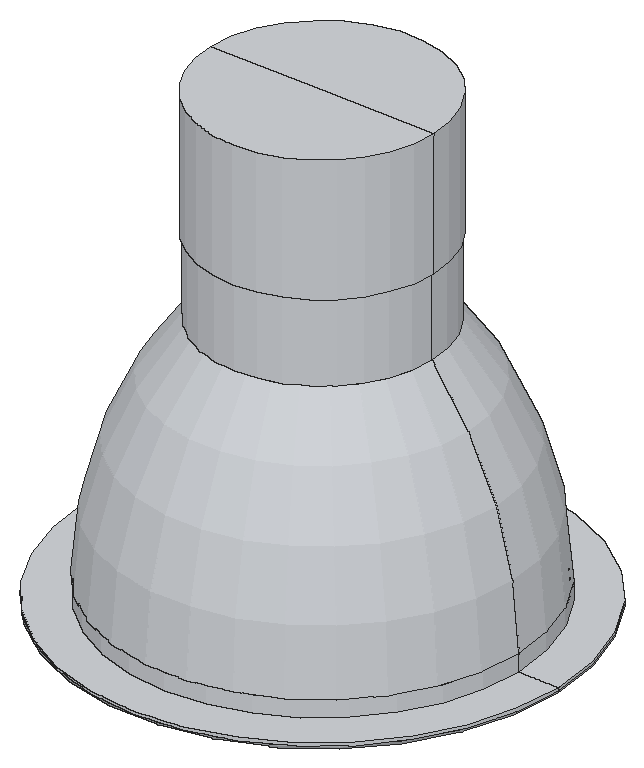
Revit family "Alcon-14124-8-Revit-Family", category Lighting Fixtures, host Ceiling, Revit 2021
Family settings
  Host = Ceiling
  Round Connector Dimension = Use Diameter
  Part Type = Normal
  OmniClass Number = 23.80.70.11
  OmniClass Title = Luminaries for Internal Lighting
  Always vertical = Yes
  Cut with Voids When Loaded = No
  Light Source = Yes
  Shared = No
  Room Calculation Point = No
Parameters (values of type "Type 1")
  Wattage = 9.2903 W
  built-in parameter 1150110 = 1 (stored number, unit not read)
  built-in parameter 1114217 = 1 (stored number, unit not read)
  Tilt Angle = 60.00°
  built-in parameter 1150109 = 1 (stored number, unit not read)
  built-in parameter 1150134 = (empty or 0)
  built-in parameter 1150113 = 1 (stored number, unit not read)
  built-in parameter 1010507 = 1.5708 (stored number, unit not read)
  built-in parameter 1010506 = 0.5236 (stored number, unit not read)
  Product Identity = "Alcon Lighting 14124-8"
  Manufacturer = "Alcon Light"
  Lumens = 1380 lm
  built-in parameter 1150115 = 1 (stored number, unit not read)
  built-in parameter 1150105 = 4614.1 (stored number, unit not read)
  Link To Product Page = "https://www.alconlighting.com/14124-8.html"
  LightSource = none
  Light Source Symbol Length = 10' - 0"
  built-in parameter 1150137 = (empty or 0)
  built-in parameter 1150139 = (empty or 0)
  Lens = none
  built-in parameter 1150112 = 1 (stored number, unit not read)
  built-in parameter 1150114 = 1 (stored number, unit not read)
  built-in parameter 1150132 = 2
  built-in parameter 1150102 = (empty or 0)
  built-in parameter 1150138 = (empty or 0)
  built-in parameter 1150107 = 3000 (stored number, unit not read)
  built-in parameter 1150106 = 46.141 (stored number, unit not read)
  Housing = none
  built-in parameter 1150104 = 13.8 (stored number, unit not read)
  Dimming Lamp Color Temperature Shift = <None>
  Default Elevation = 0' - 0"
  Color Filter = 16777215
  built-in parameter 1114218 = 1 (stored number, unit not read)
  built-in parameter 1150133 = 10 (stored number, unit not read)
Reference planes (in)
  plane 1 "Light Source Axis (F/B)": y = 0
  plane 2: z = 0
  plane 3 "Light Source Axis (L/R)": x = 0
  plane 4 "Ceiling": z = 157.79911
  plane 5 "Light Source Elevation": z = 157.10531
Forms (in)
  Extrusion 1, void
    sketch origin (0, 0, 157.79911) x (0, 1, 0) y (-1, 0, 0)
      loop
        circle (0, 0) r 4.63
    from -0.44379 to 2.07621
  Revolve 2, solid, material <- "Housing"
    sketch origin (0, 0, 0) x (1, 0, 0) y (0, 0, 1)
      loop
        line (-4.63, 157.48031) -> (-4.63, 157.42601)
        arc (-4.63, 157.42601) -> (-4.60929, 157.37602) -> (-4.55931, 157.35531) r 0.07069
        line (-4.55931, 157.35531) -> (-3.785, 157.35531) -> (-3.785, 157.48031) -> (-4.63, 157.48031)
      axis (0, 157.48031) -> (0, 157.35531)
    angle from 0 to 360
  Revolve 3, solid, material <- "Housing"
    sketch origin (0, 0, -5.11929) x (1, 0, 0) y (0, 0, 1)
      loop
        line (0, 169.00727) -> (0, 171.45643) -> (-2.18765, 171.45643) -> (-2.18765, 169.00727) -> (0, 169.00727)
      axis (0, 169.00727) -> (0, 171.45643)
    angle from 0 to 360
  Revolve 4, solid, material <- "Lens"
    sketch origin (0, 0, -5.11929) x (1, 0, 0) y (0, 0, 1)
      loop
        line (0, 167.47463) -> (0, 167.69748) -> (-2.09, 167.69748) -> (-2.09, 167.47463) -> (0, 167.47463)
      axis (0, 167.47463) -> (0, 167.69748)
    angle from 0 to 360
  Revolve 5, solid, material <- "Housing"
    sketch origin (-40.7589, 0, 5.79101) x (0.965926, 0, -0.258819) y (0.258819, 0, 0.965926)
      loop
        line (-3.1645, 161.21526) -> (-3.56721, 162.7182) -> (-3.62758, 162.70202) -> (-3.23091, 161.2216)
        arc (-3.23091, 161.2216) -> (-3.89544, 158.84298) -> (-3.68891, 156.38192) r 6.97117
        line (-3.68891, 156.38192) -> (-3.6064, 156.07399) -> (-3.54603, 156.09017) -> (-3.62854, 156.3981)
        arc (-3.62854, 156.3981) -> (-3.83212, 158.84864) -> (-3.1645, 161.21526) r 6.90867
      axis (0.11, 157.0698) -> (-1.54843, 163.25913)
    angle from 0 to 360
  Revolve 6, solid, material <- "LightSource"
    sketch origin (0, 0, -5.11929) x (1, 0, 0) y (0, 0, 1)
      loop
        line (0, 168.67032) -> (0, 169.00727) -> (-2.09, 169.00727) -> (-2.09, 168.67032) -> (0, 168.67032)
      axis (0, 168.67032) -> (0, 169.00727)
    angle from 0 to 360
Dimensions and locks (in)
  equal spacing: host sketch curve, plane 3 "Light Source Axis (L/R)", host sketch curve
  equal spacing: host sketch curve, plane 1 "Light Source Axis (F/B)", host sketch curve
  host sketch curve to host sketch curve = 13' - 1.48031"  (x2)
  host ceiling to plane 4 "Ceiling" = 0' - 0.31879"
  Revolve 2 to Revolve 2 = 0' - 9.26"
  Revolve 2 to Revolve 2 = 0' - 7.57"
  Revolve 4 to Revolve 4 = 0' - 4.18"
  aligned and locked: plane 1 "Light Source Axis (F/B)" to imposter light
